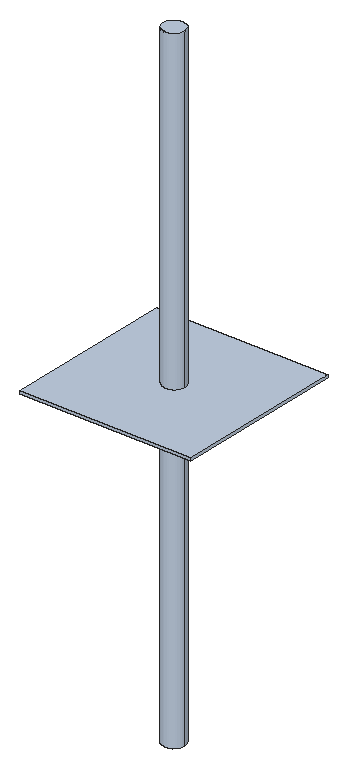
Revit family "EV_TIE ROD WATER STOP 15 L=450_9371978", category Generic Models, Revit 2018
Family settings
  Can host rebar = No
  Round Connector Dimension = Use Diameter
  Part Type = Normal
  OmniClass Number = 35.51.14.00
  OmniClass Title = FORMWORK
  Work Plane-Based = Yes
  Always vertical = No
  Cut with Voids When Loaded = No
  Shared = Yes
  Room Calculation Point = No
Parameters (values of type "EV_TIE ROD WATER STOP 15 L=450_9371978")
  VERSION = "20190101"  # constant formula
  URL = "www.ulmaconstruction.com/en"
  UNICLASS = ""
  Manufacturer = "ULMA CONSTRUCTION"  # constant formula
  ITEM_CODE = "9371978"
  FILTER [instance] = ""
  Default Elevation = 0.000 mm
  CLASSIFICATION_TITLE = ""
  CLASSIFICATION_NUMBER = ""
Reference planes
  plane 1 "Centro (Frontal/Posterior)": y = 0
  plane 2: z = 0
  plane 3 "Centro (Izquierda/Derecha)": x = 0
Forms (mm)
  Extrusion 1, solid, material "ULMA STEEL", detail levels medium+fine
    sketch origin (-337.479, 487.807, 0) x (1, 0, 0) y (0, 1, 0)
      loop
        line (277.479, -427.807) -> (277.479, -547.807) -> (397.479, -547.807) -> (397.479, -427.807) -> (277.479, -427.807)
    from -1 to 1
  Extrusion 2, solid, material "ULMA STEEL", detail levels medium+fine
    sketch origin (0, 0, 0) x (1, 0, 0) y (0, 1, 0)
      loop
        circle (0, 0) r 7.5
    from -225 to 225
Dimensions and locks
  aligned and locked: level to plane 2
